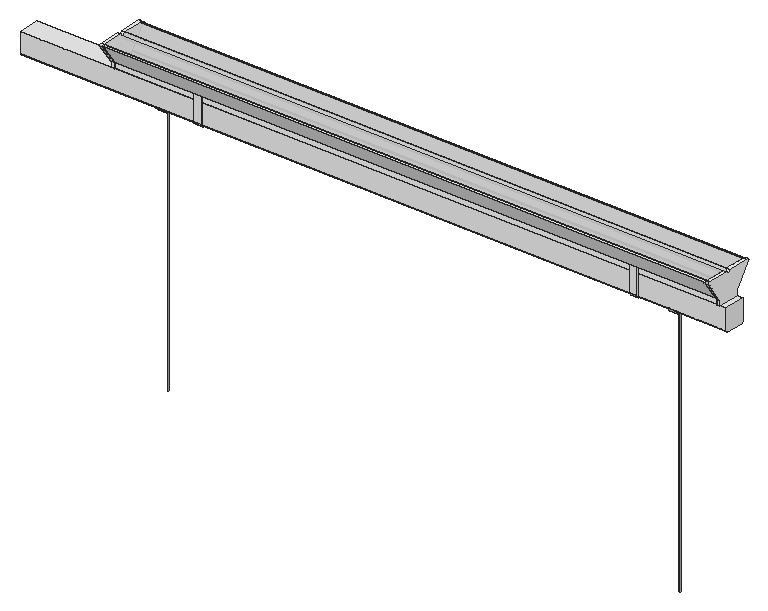
Revit family "0042290 Lighting Fixture_Sylvania_HSX Syl-Line_Ceiling Pendant", category Lighting Fixtures, host Face, Revit 2017
Family settings
  Host = Face
  Round Connector Dimension = Use Diameter
  Part Type = Normal
  OmniClass Number = 23.80.70.11.17
  OmniClass Title = Specialized Lighting by Location or Use
  Cut with Voids When Loaded = No
  Light Source = Yes
  Shared = No
  Room Calculation Point = No
Parameters (values of type "HSXSYL  LED NW 1-10V 1720 WB")
  Width = 164.0 mm
  Weight = 5.60 kg
  Wattage = 71.6129 W
  built-in parameter 1150110 = 1 (stored number, unit not read)
  Voltage Comments = "UNV (Universal Voltage; 220-240 Volt)"  # constant formula
  Voltage = 230 V  # constant formula
  URL = "http://www.sylvania-lighting.com"
  Trucking Material = Steel_Sylvania_HSX Syl-Line_White
  built-in parameter 1114217 = 1 (stored number, unit not read)
  Tilt Angle = -90.00°
  built-in parameter 1150109 = 1 (stored number, unit not read)
  built-in parameter 1150134 = 12
  Ta Rating = "-10°C to +25°C"  # constant formula
  T Class Min = -10 °C
  T Class Max = 25 °C
  built-in parameter 1150113 = 1 (stored number, unit not read)
  Product Page URL = "http://www.sylvania-lighting.com/product/en-int/products/0042290"
  Product Family = "HSX SYL-LINE"  # constant formula
  Photometry Comments = ""
  Photometric Web File = "0042290_HSXSYLLEDNW1-10V1720WB-192665.ies"
  Mounting Material = Steel_Sylvania_HSX Syl-Line_White
  Mounting Height = 1000.0 mm
  Mounting Distance = Mounting Height - Height  # 832.5 mm
  Line End Right = 20.0 mm
  Line End Left = 300.0 mm
  Life = "50 000h"  # constant formula
  Length = 2000.0 mm
  LOR = "100%"
  Inrush Current (max. quantity per 16A C breaker) = "10"
  IP Rating = "IP20"  # constant formula
  IK Rating = "IK02"  # constant formula
  Height = 167.5 mm
  Glow Wire Test = 650 °C  # constant formula
  Emit from Line Length = Length - 20.0 mm  # 1980.0 mm
  Electrical Protection = "CLASS I"  # constant formula
  Drive Current = "350mA"
  built-in parameter 1114216 [instance] = 1 (stored number, unit not read)
  Cap Material = Plastic_Sylvania_HSX Syl-Line_White
  Model = "HSXSYL  LED NW 1-10V 1720 WB"
  Manufacturer = "Feilo Sylvania"
  built-in parameter 1150105 = 2339.7 (stored number, unit not read)
  Lumens = 6660 lm
  built-in parameter 1150115 = 1 (stored number, unit not read)
  built-in parameter 1150137 = (empty or 0)
  built-in parameter 1150139 = (empty or 0)
  built-in parameter 1150112 = 1 (stored number, unit not read)
  built-in parameter 1150114 = 1 (stored number, unit not read)
  Lamp = "Integrated LED"
  built-in parameter 1150132 = 2
  built-in parameter 1150102 = (empty or 0)
  built-in parameter 1150107 = 4000 (stored number, unit not read)
  built-in parameter 1150138 = (empty or 0)
  built-in parameter 1150106 = 23.397 (stored number, unit not read)
  CRI (Ra) = "<80"
  Bracket Width = Width - 93.4 mm  # 70.6 mm
  Bracket Height = Height - 73.5 mm  # 94.0 mm
  Body Material = Plastic_Sylvania_HSX Syl-Line_White
  built-in parameter 1150104 = 8.64 (stored number, unit not read)
  Dimming Lamp Color Temperature Shift = <None>
  Diffuser Material = Polycarbonate_Sylvania_HSX Syl-Line_4000K
  Description = "72W and 75W LED surface and suspended luminaires HSX Syl-Line is perfect for retail, industry, manufacturing, airports or data centres Extended offering of alternative optics for Syl-Line trunking Available with a white sheet steel reflector and a PMMA Diffuser Available in 1,720mm (same length as standard Syl-Line gear trays and trunking) High performance: delivers 6,660lm (luminaire lumen output on 72W version), equating to 93lm/W (total system efficiency) Available in neutral white (4,000K) Integrated LED solution that has the same aesthetics as the fluorescent version (non dotting) Energy efficient electronic gear including Analogue 1-10V dimmable, DALI dimmable and 3 hour emergency versions as standard Ease of installation through the plug connector Innovative clip design allows quick and simple installation of the electrical unit (average installation time of the gear tray at just over a minute) Energy class: A++, A+, A Long lifetime: 50,000 hours life at 70% of the original output L70"  # constant formula
  Default Elevation = 0.0 mm
  Color Filter = 16777215
  Catalog Number = "0042290 HSXSYL  LED NW 1-10V 1720 WB"
  built-in parameter 1140040 [instance] = 1
  built-in parameter 1114218 = 1 (stored number, unit not read)
  built-in parameter 1150133 = 10 (stored number, unit not read)
  Assembly Code = "D5020200"
  Apparent Load = 72 VA
Reference planes
  plane 1 "Center (Front/Back)": y = 0
  plane 2 "Trucking Top": z = 838.5
  plane 3 "Center (Left/Right)": x = 0
  plane 4 "Fixture Bottom": z = 1000
  plane 5: y = 34.283
  plane 6: y = -34.283
  plane 7 "Fixture Left": x = -1000
  plane 8 "Fixture Right": x = 1000
  plane 9: x = 990
  plane 10: x = -990
  plane 11: y = -82
  plane 12: y = 82
  plane 13: z = 987.5
  plane 14: z = 931.5
  plane 15 "Trucking Bottom": z = 911
  plane 16: y = 38.283
  plane 17: y = -38.283
  plane 18: z = 993.039
  plane 19: y = 7.5
  plane 20: y = -7.5
  plane 21: x = -1300
  plane 22: x = 1020
  plane 23: x = 728
  plane 24: x = -728
  plane 25: x = 853
  plane 26: x = -853
  plane 27 "Fixture Top": z = 832.5
  plane 28: z = 0
Forms (mm)
  Extrusion 1, solid, material "Plastic_Sylvania_HSX Syl-Line_White" <- "Cap Material", detail levels fine
    sketch origin (0, 0, 0) x (0, 1, 0) y (0, 0, 1)
      loop
        line (38.283, 931.5) -> (81.006, 993.776)
        arc (81.006, 993.776) -> (81.229, 997.88) -> (77.707, 1000) r 3.986
        line (77.707, 1000) -> (7.5, 1000) -> (0, 987.5) -> (-7.5, 1000) -> (-77.707, 1000)
        arc (-77.707, 1000) -> (-81.229, 997.88) -> (-81.006, 993.776) r 3.986
        line (-81.006, 993.776) -> (-38.283, 931.5) -> (-34.283, 931.5) -> (-34.283, 911) -> (34.283, 911) -> (34.283, 931.5) -> (38.283, 931.5)
    from 990 to 1000
  Extrusion 2, solid, material "Plastic_Sylvania_HSX Syl-Line_White" <- "Cap Material", detail levels fine
    sketch origin (0, 0, 0) x (0, 1, 0) y (0, 0, 1)
      loop
        line (38.283, 931.5) -> (81.006, 993.776)
        arc (81.006, 993.776) -> (81.229, 997.88) -> (77.707, 1000) r 3.986
        line (77.707, 1000) -> (7.5, 1000) -> (0, 987.5) -> (-7.5, 1000) -> (-77.707, 1000)
        arc (-77.707, 1000) -> (-81.229, 997.88) -> (-81.006, 993.776) r 3.986
        line (-81.006, 993.776) -> (-38.283, 931.5) -> (-34.283, 931.5) -> (-34.283, 911) -> (34.283, 911) -> (34.283, 931.5) -> (38.283, 931.5)
    from -1000 to -990
  Extrusion 3, solid, material "Plastic_Sylvania_HSX Syl-Line_White" <- "Body Material", detail levels coarse+medium
    sketch origin (0, 0, 0) x (0, 1, 0) y (0, 0, 1)
      loop
        line (38.283, 931.5) -> (81.006, 993.776)
        arc (81.006, 993.776) -> (81.229, 997.88) -> (77.707, 1000) r 3.986
        line (77.707, 1000) -> (7.5, 1000) -> (0, 987.5) -> (-7.5, 1000) -> (-77.707, 1000)
        arc (-77.707, 1000) -> (-81.229, 997.88) -> (-81.006, 993.776) r 3.986
        line (-81.006, 993.776) -> (-38.283, 931.5) -> (-34.283, 931.5) -> (-34.283, 911) -> (34.283, 911) -> (34.283, 931.5) -> (38.283, 931.5)
    from -1000 to 990
  Extrusion 4, solid, material "Plastic_Sylvania_HSX Syl-Line_White" <- "Body Material", detail levels fine
    sketch origin (0, 0, 0) x (0, 1, 0) y (0, 0, 1)
      loop
        line (37.757, 932.5) -> (80.18, 994.339)
        arc (80.18, 994.339) -> (80.345, 997.413) -> (77.707, 999) r 2.986
        line (77.707, 999) -> (74, 999) -> (74, 998) -> (77.707, 998)
        arc (77.707, 998) -> (79.461, 996.946) -> (79.353, 994.902) r 1.986
        line (79.353, 994.902) -> (37.23, 933.5) -> (32.283, 933.5) -> (32.283, 912) -> (-32.283, 912) -> (-32.283, 933.5) -> (-37.23, 933.5) -> (-79.353, 994.902)
        arc (-79.353, 994.902) -> (-79.461, 996.946) -> (-77.707, 998) r 1.986
        line (-77.707, 998) -> (-74, 998) -> (-74, 999) -> (-77.707, 999)
        arc (-77.707, 999) -> (-80.345, 997.413) -> (-80.18, 994.339) r 2.986
        line (-80.18, 994.339) -> (-37.757, 932.5) -> (-33.283, 932.5) -> (-33.283, 911) -> (33.283, 911) -> (33.283, 932.5) -> (37.757, 932.5)
    from -990 to 990
  Extrusion 5, solid, material "Polycarbonate_Sylvania_HSX Syl-Line_4000K" <- "Diffuser Material", detail levels fine
    sketch origin (0, 0, 0) x (0, 1, 0) y (0, 0, 1)
      loop
        line (74, 999) -> (8.066, 999) -> (0, 985.556) -> (-8.066, 999) -> (-74, 999) -> (-74, 998) -> (-8.632, 998) -> (0, 983.613) -> (8.632, 998) -> (74, 998) -> (74, 999)
    from -990 to 990
  Extrusion 6, solid, material "Steel_Sylvania_HSX Syl-Line_White" <- "Trucking Material"
    sketch origin (0, 0, 0) x (0, 1, 0) y (0, 0, 1)
      loop
        line (34.283, 844.5) -> (34.283, 911) -> (-34.283, 911) -> (-34.283, 844.5) -> (-28.283, 838.5) -> (28.283, 838.5) -> (34.283, 844.5)
    from -1300 to 1020
Lines and regions (mm)
  model lines, detail levels coarse+medium
    curve 1: line (-840.5, 0, 838.5) -> (-840.5, 0, 0)
    curve 2: line (840.5, 0, 838.5) -> (840.5, 0, 0)
Dimensions and locks
  equal spacing: plane 7 "Fixture Left", plane 3 "Center (Left/Right)", plane 8 "Fixture Right"
  "Length": plane 7 "Fixture Left" to plane 8 "Fixture Right"
  locked: plane 7 "Fixture Left" to plane 10 at 10
  locked: plane 9 to plane 8 "Fixture Right" at 10
  equal spacing: plane 12, plane 1 "Center (Front/Back)", plane 11
  "Width": plane 12 to plane 11
  plane 15 "Trucking Bottom" to plane 14 to plane 13 to plane 18 to plane 4 "Fixture Bottom" = 20.5 mm locked, 56.0 mm locked, 5.539 mm locked, 6.961 mm locked
  plane 12 to plane 16 to plane 5 to plane 19 = 43.717 mm locked, 4.0 mm locked, 26.783 mm locked
  plane 11 to plane 17 to plane 6 to plane 20 = 43.717 mm locked, 4.0 mm locked, 26.783 mm locked
  locked: Extrusion 5 sketch curve to plane 11 at 8
  locked: plane 12 to Extrusion 5 sketch curve at 8
  locked: Extrusion 4 sketch curve to plane 11 at 8
  locked: plane 12 to Extrusion 4 sketch curve at 8
  locked: Extrusion 6 sketch curve to plane 2 "Trucking Top" at 6  (x2)
  locked: Extrusion 6 sketch curve to plane 6 at 6
  locked: plane 5 to Extrusion 6 sketch curve at 6
  "Line End Left": plane 21 to plane 7 "Fixture Left"
  "Line End Right": plane 8 "Fixture Right" to plane 22
  plane 23 to plane 25 to plane 9 = 125.0 mm locked, 137.0 mm locked
  plane 10 to plane 26 to plane 24 = 137.0 mm locked, 125.0 mm locked
  locked: plane 2 "Trucking Top" to plane 27 "Fixture Top" at 6
  "Height": plane 27 "Fixture Top" to plane 4 "Fixture Bottom"
  "Mounting Height": plane 28 to plane 4 "Fixture Bottom"
  aligned and locked: level to host face
  aligned and locked: imposter light to plane 1 "Center (Front/Back)"
  aligned and locked: plane 3 "Center (Left/Right)" to imposter light
  aligned and locked: imposter light to plane 4 "Fixture Bottom"
  aligned and locked: plane 14 to Extrusion 1 sketch curve
  aligned and locked: Extrusion 1 sketch curve to plane 16
  aligned and locked: plane 15 "Trucking Bottom" to Extrusion 1 sketch curve
  aligned and locked: Extrusion 1 sketch curve to plane 5
  aligned and locked: Extrusion 1 sketch curve to plane 6
  aligned and locked: Extrusion 1 sketch curve to plane 14
  aligned and locked: plane 1 "Center (Front/Back)" to Extrusion 1 sketch curve
  aligned and locked: plane 13 to Extrusion 1 sketch curve
  aligned and locked: plane 4 "Fixture Bottom" to Extrusion 1 sketch curve  (x2)
  aligned and locked: Extrusion 1 sketch curve to plane 19
  aligned and locked: plane 20 to Extrusion 1 sketch curve
  aligned and locked: Extrusion 1 to plane 8 "Fixture Right"
  aligned and locked: plane 9 to Extrusion 1
  aligned and locked: Extrusion 2 to plane 7 "Fixture Left"
  aligned and locked: plane 10 to Extrusion 2
  aligned and locked: Extrusion 3 to plane 7 "Fixture Left"
  aligned and locked: plane 15 "Trucking Bottom" to Extrusion 4 sketch curve
  aligned and locked: Extrusion 4 to plane 9
  aligned and locked: Extrusion 4 to plane 10
  aligned and locked: plane 5 to Extrusion 6 sketch curve
  aligned and locked: plane 6 to Extrusion 6 sketch curve
  aligned and locked: plane 2 "Trucking Top" to Extrusion 6 sketch curve
  aligned and locked: plane 15 "Trucking Bottom" to Extrusion 6 sketch curve
  aligned and locked: Extrusion 6 to plane 21
  aligned and locked: Extrusion 6 to plane 22
  aligned and locked: plane 1 "Center (Front/Back)" to nested 1
  aligned and locked: nested 1 to plane 14
  aligned and locked: plane 23 to nested 1
  aligned and locked: Extrusion 3 to plane 9
  aligned and locked: Extrusion 5 to plane 9
  aligned and locked: Extrusion 5 to plane 10
  aligned and locked: plane 24 to nested 2
  aligned and locked: nested 1 to plane 23
  aligned and locked: plane 2 "Trucking Top" to nested 2
  aligned and locked: plane 25 to nested 3
  aligned and locked: plane 26 to nested 4
  aligned and locked: plane 27 "Fixture Top" to nested 4
  aligned and locked: plane 27 "Fixture Top" to nested 3
  aligned and locked: plane 28 to level
  aligned and locked: level to curve 1
  aligned and locked: plane 2 "Trucking Top" to curve 1
  aligned and locked: curve 1 to plane 1 "Center (Front/Back)"
  aligned and locked: nested 3 to curve 2
  aligned and locked: plane 2 "Trucking Top" to curve 2
  aligned and locked: plane 28 to curve 2
Automatic sketch dimensions
  host sketch curve to host sketch curve = 2549.992 mm
  host sketch curve to host sketch curve = 1283.632 mm
  Extrusion 1 sketch curve to plane 17 = 0.0 mm
  Extrusion 1 sketch curve to plane 18 = 0.737 mm  (x2)
  Extrusion 1 sketch curve to plane 11 = 4.293 mm
  Extrusion 1 sketch curve to plane 11 = 0.994 mm
  Extrusion 1 sketch curve to plane 12 = 4.293 mm
  Extrusion 1 sketch curve to plane 12 = 0.994 mm
  plane 4 "Fixture Bottom" to Extrusion 2 sketch curve = 0.0 mm  (x2)
  plane 14 to Extrusion 2 sketch curve = 0.0 mm  (x2)
  Extrusion 2 sketch curve to plane 17 = 0.0 mm
  Extrusion 2 sketch curve to plane 6 = 0.0 mm
  Extrusion 2 sketch curve to plane 20 = 0.0 mm
  Extrusion 2 sketch curve to plane 1 "Center (Front/Back)" = 0.0 mm
  Extrusion 2 sketch curve to plane 19 = 0.0 mm
  Extrusion 2 sketch curve to plane 5 = 0.0 mm
  Extrusion 2 sketch curve to plane 16 = 0.0 mm
  plane 15 "Trucking Bottom" to Extrusion 2 sketch curve = 0.0 mm
  Extrusion 2 sketch curve to plane 13 = 0.0 mm
  Extrusion 2 sketch curve to plane 11 = 4.293 mm
  Extrusion 2 sketch curve to plane 18 = 0.737 mm  (x2)
  Extrusion 2 sketch curve to plane 11 = 0.994 mm
  Extrusion 2 sketch curve to plane 12 = 4.293 mm
  Extrusion 2 sketch curve to plane 12 = 0.994 mm
  plane 4 "Fixture Bottom" to Extrusion 3 sketch curve = 0.0 mm  (x2)
  plane 14 to Extrusion 3 sketch curve = 0.0 mm  (x2)
  Extrusion 3 sketch curve to plane 17 = 0.0 mm
  Extrusion 3 sketch curve to plane 6 = 0.0 mm
  Extrusion 3 sketch curve to plane 20 = 0.0 mm
  Extrusion 3 sketch curve to plane 1 "Center (Front/Back)" = 0.0 mm
  Extrusion 3 sketch curve to plane 19 = 0.0 mm
  Extrusion 3 sketch curve to plane 5 = 0.0 mm
  Extrusion 3 sketch curve to plane 16 = 0.0 mm
  plane 15 "Trucking Bottom" to Extrusion 3 sketch curve = 0.0 mm
  Extrusion 3 sketch curve to plane 13 = 0.0 mm
  Extrusion 3 sketch curve to plane 11 = 4.293 mm
  Extrusion 3 sketch curve to plane 18 = 0.737 mm  (x2)
  Extrusion 3 sketch curve to plane 11 = 0.994 mm
  Extrusion 3 sketch curve to plane 12 = 4.293 mm
  Extrusion 3 sketch curve to plane 12 = 0.994 mm
  Extrusion 4 sketch curve to plane 14 = 1.0 mm  (x2)
  Extrusion 4 sketch curve to plane 16 = 0.527 mm
  plane 4 "Fixture Bottom" to Extrusion 4 sketch curve = 1.0 mm  (x2)
  Extrusion 4 sketch curve to plane 17 = 0.527 mm
  plane 6 to Extrusion 4 sketch curve = 1.0 mm
  Extrusion 4 sketch curve to plane 5 = 1.0 mm
  Extrusion 4 sketch curve to plane 11 = 1.82 mm
  Extrusion 4 sketch curve to plane 18 = 1.301 mm  (x2)
  Extrusion 4 sketch curve to plane 12 = 1.82 mm
  Extrusion 4 sketch curve to Extrusion 4 sketch curve = 0.527 mm  (x2)
  Extrusion 4 sketch curve to Extrusion 4 sketch curve = 0.826 mm  (x2)
  Extrusion 4 sketch curve to Extrusion 4 sketch curve = 0.563 mm  (x2)
  Extrusion 4 sketch curve to Extrusion 4 sketch curve = 0.0 mm  (x4)
  Extrusion 4 sketch curve to Extrusion 4 sketch curve = 1.0 mm  (x4)
  Extrusion 4 sketch curve to plane 15 "Trucking Bottom" = 1.0 mm
  Extrusion 5 sketch curve to plane 1 "Center (Front/Back)" = 0.0 mm  (x2)
  plane 20 to Extrusion 5 sketch curve = 0.566 mm
  plane 20 to Extrusion 5 sketch curve = 1.132 mm
  plane 19 to Extrusion 5 sketch curve = 0.566 mm
  plane 19 to Extrusion 5 sketch curve = 1.132 mm
  plane 4 "Fixture Bottom" to Extrusion 5 sketch curve = 2.0 mm  (x2)
  Extrusion 5 sketch curve to plane 13 = 3.887 mm
  Extrusion 5 sketch curve to Extrusion 5 sketch curve = 1.944 mm
  plane 4 "Fixture Bottom" to Extrusion 5 sketch curve = 1.0 mm  (x2)
  plane 4 "Fixture Bottom" to Extrusion 4 sketch curve = 2.0 mm  (x2)
  curve 1 to plane 27 "Fixture Top" = 6.0 mm
  curve 1 to level = 0.0 mm
Nested families
  nested 1: "Mounting Bracket" at (703, 0, 931.5) x (0, -1, 0) z (0, 0, -1), type "Mounting Bracket", detail levels fine
  nested 2: "Mounting Bracket" at (-728, 0, 931.5) x (0, -1, 0) z (0, 0, -1), type "Mounting Bracket", detail levels fine
  nested 3: "Top Mounting Bracket" at (853, 0, 845.5) x (0, 1, 0) z (0, 0, -1), type "Top Mounting Bracket", detail levels fine
    with Mounting Distance 832.5 mm
  nested 4: "Top Mounting Bracket" at (-828, 0, 845.5) x (0, 1, 0) z (0, 0, -1), type "Top Mounting Bracket", detail levels fine
    with Mounting Distance 832.5 mm
Connectors
  electrical at (-1300, 0, 864.667), driven by "Voltage", driven by "Apparent Load"
    settings: on Extrusion 6, index 1, voltage 230 V, apparent load 0 VA, apparent load phase1 72 VA, apparent load phase2 0 VA, apparent load phase3 0 VA, power factor 1, load classification "Lighting", number of poles 1, system type 31, power factor state 1, is connector primary yes, connector utility no, sub classification motor no, connector description ""
Definition of nested family "Mounting Bracket"
  Parameters
    Mounting Material = none
    Length = 25.0 mm
    Height = 94.0 mm
    Width = 70.6 mm
    Default Elevation = 0.0 mm
  Reference planes
    plane 1 "Center (Front/Back)": y = 0
    plane 2: z = 0
    plane 3 "Center (Left/Right)": x = 0
    plane 4: x = -35.3
    plane 5: x = 35.3
    plane 6: y = -25
    plane 7: y = -12.5
    plane 8: z = 94
  Forms (mm)
    Extrusion 1, solid, material <- "Mounting Material"
      sketch origin (0, 0, 0) x (1, 0, 0) y (0, 0, 1)
        loop
          line (35.3, 87.5) -> (28.8, 94) -> (20.3, 94) -> (20.3, 93) -> (28.386, 93) -> (34.3, 87.086) -> (34.3, 0) -> (35.3, 0) -> (35.3, 87.5)
        loop
          line (-35.3, 87.5) -> (-35.3, 0) -> (-34.3, 0) -> (-34.3, 87.086) -> (-28.386, 93) -> (-20.3, 93) -> (-20.3, 94) -> (-28.8, 94) -> (-35.3, 87.5)
      from 0 to 25
  Dimensions and locks
    equal spacing: plane 5, plane 3 "Center (Left/Right)", plane 4
    "Width": plane 5 to plane 4
    "Length": plane 6 to plane 1 "Center (Front/Back)"
    equal spacing: plane 6, plane 7, plane 1 "Center (Front/Back)"
    "Height": plane 8 to plane 2
    locked: plane 8 to Extrusion 1 sketch curve at 1
    locked: plane 8 to Extrusion 1 sketch curve at 6.5  (x2)
    locked: Extrusion 1 sketch curve to plane 4 at 6.5
    locked: plane 5 to Extrusion 1 sketch curve at 6.5
    locked: Extrusion 1 sketch curve to plane 4 at 1
    locked: plane 5 to Extrusion 1 sketch curve at 1
    locked: Extrusion 1 sketch curve to plane 4 at 15
    locked: plane 5 to Extrusion 1 sketch curve at 15
    aligned and locked: level to plane 2
    aligned and locked: Extrusion 1 to plane 6
    aligned and locked: Extrusion 1 sketch curve to plane 8
    aligned and locked: Extrusion 1 sketch curve to plane 4
    aligned and locked: Extrusion 1 sketch curve to plane 5
  Automatic sketch dimensions
    Extrusion 1 sketch curve to level = 0.0 mm  (x2)
    plane 4 to Extrusion 1 sketch curve = 6.914 mm
    Extrusion 1 sketch curve to Extrusion 1 sketch curve = 0.414 mm  (x3)
    plane 8 to Extrusion 1 sketch curve = 0.0 mm
    Extrusion 1 sketch curve to plane 8 = 1.0 mm
Definition of nested family "Top Mounting Bracket"
  Parameters
    Mounting Material = none
    Mounting Distance = 500.0 mm
    Length = 25.0 mm
    Height = 13.0 mm
    Width = 70.6 mm
    Default Elevation = 0.0 mm
  Reference planes
    plane 1 "Center (Front/Back)": y = 0
    plane 2: z = 0
    plane 3 "Center (Left/Right)": x = 0
    plane 4: x = -35.3
    plane 5: x = 35.3
    plane 6: y = -25
    plane 7: y = -12.5
    plane 8: z = 13
    plane 9: z = 513
  Forms (mm)
    Extrusion 1, solid, material <- "Mounting Material"
      sketch origin (0, 0, 0) x (1, 0, 0) y (0, 0, 1)
        loop
          line (35.3, 1.5) -> (23.8, 13) -> (-23.8, 13) -> (-35.3, 1.5) -> (-35.3, 0) -> (-34.3, 0) -> (-34.3, 1.086) -> (-23.386, 12) -> (23.386, 12) -> (34.3, 1.086) -> (34.3, 0) -> (35.3, 0) -> (35.3, 1.5)
      from 0 to 25
    Extrusion 2, solid
      sketch origin (0, 0, 0) x (1, 0, 0) y (0, 1, 0)
        loop
          circle (0, -12.5) r 2
      from 13 to 513
  Dimensions and locks
    equal spacing: plane 5, plane 3 "Center (Left/Right)", plane 4
    "Width": plane 5 to plane 4
    "Length": plane 6 to plane 1 "Center (Front/Back)"
    equal spacing: plane 6, plane 7, plane 1 "Center (Front/Back)"
    plane 8 to Extrusion 1 sketch curve = 13.0 mm
    locked: Extrusion 1 sketch curve to plane 4 at 11.5
    locked: plane 5 to Extrusion 1 sketch curve at 11.5
    "Height": plane 8 to level
    "Mounting Distance": plane 9 to plane 8
    aligned and locked: level to plane 2
    aligned and locked: Extrusion 1 to plane 6
    aligned and locked: Extrusion 1 sketch curve to plane 4
    aligned and locked: Extrusion 1 sketch curve to plane 5
    aligned and locked: Extrusion 1 sketch curve to plane 8
    aligned and locked: Extrusion 1 sketch curve to Extrusion 1 sketch curve
    aligned and locked: plane 9 to Extrusion 2
    aligned and locked: Extrusion 2 to Extrusion 1
  Automatic sketch dimensions
    plane 4 to Extrusion 1 sketch curve = 1.0 mm
    Extrusion 1 sketch curve to Extrusion 1 sketch curve = 0.414 mm  (x4)
    Extrusion 1 sketch curve to plane 5 = 1.0 mm
    Extrusion 1 sketch curve to Extrusion 1 sketch curve = 1.086 mm
    Extrusion 1 sketch curve to plane 8 = 1.0 mm
    Extrusion 1 sketch curve to plane 8 = 11.914 mm
    Extrusion 2 sketch curve to plane 3 "Center (Left/Right)" = 0.0 mm
    plane 7 to Extrusion 2 sketch curve = 0.0 mm
    radius of Extrusion 2 sketch curve = 2.0 mm
